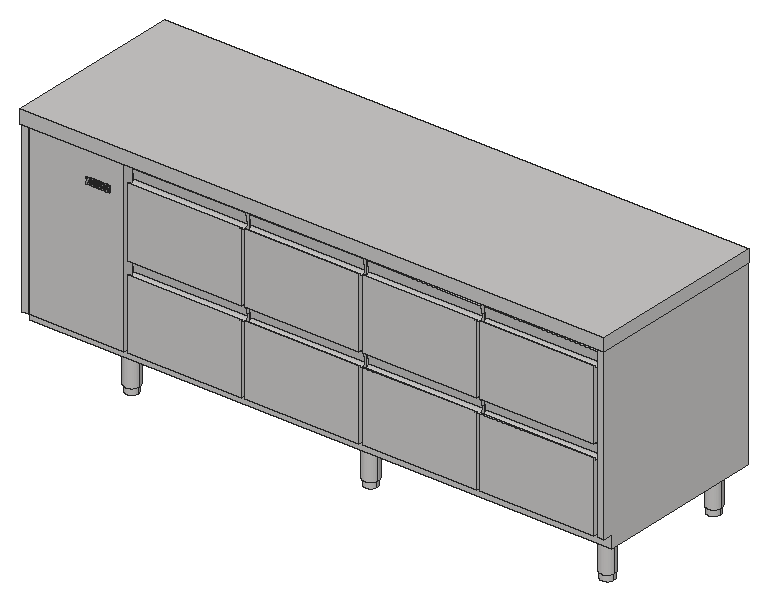
Revit family "QF_ZANUSSI_111063_ZH4HBBBBB", category Specialty Equipment, Revit 2018
Family settings
  Round Connector Dimension = Use Diameter
  Part Type = Normal
  Work Plane-Based = No
  Always vertical = Yes
  Cut with Voids When Loaded = No
  Shared = No
  Room Calculation Point = No
Parameters
  Weight = 0.00 kg
  Watts = 0.0232258 W
  Volts = 220 V
  URL Manufacturer = "http://www.zanussiprofessional.com/"
  URL = "http://www.zanussiprofessional.com/"
  Steam Supply Size = 0 mm
  Steam Supply Minimum Pressure = 0.0 Pa
  Steam Supply Maximum Pressure = 0.0 Pa
  Steam Pounds per Hour = 0
  Show Logo [instance] = yes
  Show Clearance [instance] = yes
  Refrigeration Suction Line Size = 0 mm
  Refrigeration Liquid Line Size = 0 mm
  Refrigerant Compressor Remote = yes
  Manufacturer = "Zanussi"
  Phase = 1
  Model = "ZH4HBBBBB"
  Length Actual = 2253 mm  # constant formula
  Item Number = "111063"
  Hot Water Size = 0 mm
  Height Actual = 900 mm  # constant formula
  HP = "0.3 HP"
  Gas Size = 0 mm
  Gas KW = 0
  Gas Input Pressure = 0 W
  Description = "8 DRAWERS REFR.TABLE 590L"
  Depth Actual = 700 mm  # constant formula
  Cycle = 50 Hz
  Condensate Return Size = 0 mm
  Compressed Air Volume = 0.0 L/s
  Compressed Air Size = 0 mm
  Compressed Air Pressure = 0.0 Pa
  Cold Water Size = 0 mm
  Accessory = yes
Reference planes
  plane 1 "Center X": y = 182.5
  plane 2: z = 0
  plane 3 "Center Y": x = -580.5
  plane 4: y = -62.5
  plane 5: y = 451.5
  plane 6 "BACK": y = 532.5
  plane 7 "FRONT": y = -167.5
  plane 8: x = -1360
  plane 9: x = 478
  plane 10: z = 150
  plane 11 "TOP": z = 900
  plane 12: z = 850
  plane 13 "LEFT": x = -1705
  plane 14 "RIGHT": x = 544
  plane 15: x = -437
  plane 16: x = -1707
  plane 17: x = 546
Forms (mm)
  Extrusion 1, solid, material "QF_Finishes_Stainless Steel"
    sketch origin (-580.5, 2, 0) x (0, 1, 0) y (0, 0, 1)
      loop
        line (530.5, 150) -> (530.5, 850) -> (-124.5, 850) -> (-124.5, 150) -> (530.5, 150)
    from -1124.5 to 1124.5
  Extrusion 2, solid, material "QF_Finishes_Stainless Steel"
    sketch origin (-1022.223, -1524, 150) x (-1, 0, 0) y (0, -1, 0)
      loop
        line (682.777, -1361.5) -> (657.777, -1361.5) -> (657.777, -1401.5) -> (682.777, -1401.5) -> (682.777, -1361.5)
      loop
        line (-1566.223, -1401.5) -> (-1541.223, -1401.5) -> (-1541.223, -1361.5) -> (-1566.223, -1361.5) -> (-1566.223, -1401.5)
    from 47 to 700
  Extrusion 3, solid, material "QF_Finishes_Stainless Steel"
    sketch origin (0, 0, 900) x (-1, 0, 0) y (0, -1, 0)
      loop
        circle (-57, -94.5) r 8.45
      loop
        circle (851, -94.5) r 8.45
    from -790.577 to -750
  Extrusion 4, solid, material "QF_Finishes_Stainless Steel"
    sketch origin (0, 0, 0) x (1, 0, 0) y (0, 1, 0)
      loop
        circle (-1621, 451.5) r 4
    from 109.423 to 150
  Extrusion 5, solid, material "QF_Finishes_Stainless Steel"
    sketch origin (-126.5, 0, 0) x (0, 1, 0) y (0, 0, 1)
      loop
        line (-167.5, 900) -> (-167.5, 850) -> (532.5, 850) -> (532.5, 900) -> (-167.5, 900)
    from 672.5 to -1580.5
Cuts and joins
  joined: Extrusion 1, Extrusion 2
Lines and regions (mm)
  symbolic lines, style "SpecialityEquipmentHiddenLines"
    curve 1: line (-1707, -122.5, 900) -> (546, -122.5, 900)
    curve 2: line (-1304, -167.5, 900) -> (-1304, -122.5, 900)
  symbolic lines, style "SpecialityEquipment"
    curve 3: line (-1707, 532.5, 900) -> (546, 532.5, 900)
    curve 4: line (-1707, 532.5, 900) -> (-1707, -167.5, 900)
    curve 5: line (-1707, -167.5, 900) -> (546, -167.5, 900)
    curve 6: line (546, -167.5, 900) -> (546, 532.5, 900)
Dimensions and locks
  locked: plane 6 "BACK" to plane 7 "FRONT" at 700
  equal spacing: plane 6 "BACK", plane 1 "Center X", plane 7 "FRONT"
  locked: plane 6 "BACK" to plane 5 at 81
  plane 10 to level = 150 mm
  plane 11 "TOP" to plane 12 to plane 10 = 50 mm locked, 700 mm locked
  locked: Extrusion 2 sketch curve to Extrusion 2 sketch curve at 25  (x2)
  locked: plane 4 to plane 7 "FRONT" at 105
  locked: plane 6 "BACK" to Extrusion 3 sketch curve at 438  (x2)
  equal spacing: plane 13 "LEFT", plane 3 "Center Y", plane 14 "RIGHT"
  plane 16 to plane 17 = 2253 mm
  locked: plane 13 "LEFT" to plane 8 at 345
  plane 15 to plane 9 to plane 14 "RIGHT" = 915 mm locked, 66 mm locked
  Extrusion 3 sketch curve to Extrusion 3 sketch curve to plane 14 "RIGHT" = 908 mm locked, 487 mm locked
  plane 13 "LEFT" to Extrusion 4 sketch curve = 84 mm
  locked: plane 6 "BACK" to Extrusion 4 sketch curve at 81
  locked: plane 10 to Extrusion 4 at 40.577
  aligned and locked: level to plane 2
  aligned and locked: plane 10 to Extrusion 3
  aligned and locked: nested 4 to plane 4
  aligned and locked: nested 1 to plane 4
  aligned and locked: nested 3 to plane 5
  aligned and locked: nested 2 to plane 5
  aligned and locked: plane 8 to nested 1
  aligned and locked: plane 8 to nested 2
  aligned and locked: plane 9 to nested 4
  aligned and locked: plane 9 to nested 3
  aligned and locked: Extrusion 1 to Extrusion 2
  aligned and locked: Extrusion 2 to Extrusion 1
  aligned and locked: Extrusion 2 sketch curve to plane 14 "RIGHT"
  aligned and locked: plane 13 "LEFT" to Extrusion 2 sketch curve
  aligned and locked: cut or joined group of Extrusion 1, Extrusion 2 to plane 10
  aligned and locked: plane 12 to cut or joined group of Extrusion 1, Extrusion 2
  aligned and locked: plane 10 to Extrusion 4
  aligned and locked: plane 15 to nested 11
  aligned and locked: plane 15 to nested 12
Automatic sketch dimensions
  plane 7 "FRONT" to Extrusion 2 sketch curve = 45 mm  (x2)
  plane 7 "FRONT" to Extrusion 2 sketch curve = 5 mm  (x2)
  curve 2 to plane 7 "FRONT" = 0 mm
  curve 5 to plane 16 = 0 mm
  curve 3 to plane 6 "BACK" = 0 mm
  plane 8 to curve 2 = 56 mm
  plane 7 "FRONT" to curve 1 = 45 mm
  Extrusion 1 sketch curve to plane 10 = 0 mm
  Extrusion 1 sketch curve to plane 12 = 0 mm
  Extrusion 1 sketch curve to plane 6 "BACK" = 0 mm
  plane 7 "FRONT" to Extrusion 1 sketch curve = 45 mm
  Extrusion 5 sketch curve to plane 7 "FRONT" = 0 mm
  Extrusion 5 sketch curve to plane 6 "BACK" = 0 mm
  Extrusion 5 sketch curve to plane 12 = 0 mm
  Extrusion 5 sketch curve to plane 11 "TOP" = 0 mm
  curve 6 to plane 17 = 0 mm
  radius of Extrusion 3 sketch curve = 8.45 mm  (x2)
  radius of Extrusion 4 sketch curve = 4 mm
Nested families
  nested 1: "Foot_Ø50_H150" at (-1360, -62.5, 0), type "Foot_Ø50_H150"
  nested 2: "Foot_Ø50_H150" at (-1360, 451.5, 0), type "Foot_Ø50_H150"
  nested 3: "Foot_Ø50_H150" at (478, 451.5, 0), type "Foot_Ø50_H150"
  nested 4: "Foot_Ø50_H150" at (478, -62.5, 0), type "Foot_Ø50_H150"
  nested 5: "2 Drawers" at (285, -164.5, 0), Show Clearance <- "Show Clearance", type "2 Drawers"
  nested 6: "2 Drawers" at (-169, -164.5, 0), Show Clearance <- "Show Clearance", type "2 Drawers"
  nested 7: "Refrigerator" at (544, -167.5, 900), type "Refrigerator"
  nested 8: "ZAN_Cooling Unit" at (-1495.5, -164.5, 0), Show Logo <- "Show Logo", type "ZAN_Cooling Unit"
  nested 9: "2 Drawers" at (-623, -164.5, 0), Show Clearance <- "Show Clearance", type "2 Drawers"
  nested 10: "2 Drawers" at (-1077, -164.5, 0) x (-1, 0, 0) z (0, 0, 1), Show Clearance <- "Show Clearance", type "2 Drawers"
  nested 11: "Foot_Ø50_H150" at (-437, -62.5, 0), type "Foot_Ø50_H150"
  nested 12: "Foot_Ø50_H150" at (-437, 451.5, 0), type "Foot_Ø50_H150"
Connectors
  electrical at (-1621, 451.5, 109.423), driven by "Volts"
    settings: on Extrusion 4, index 4, voltage 220 V, apparent load 0 VA, apparent load phase1 0 VA, apparent load phase2 0 VA, apparent load phase3 0 VA, power factor 1, load classification "Altro", number of poles 1, system type 30, power factor state 1, is connector primary yes, connector utility no, sub classification motor no, connector description "Electrical Connection"
  piping at (57, 94.5, 109.423), diameter 17
    settings: on Extrusion 3, index 5, connector inside diameter 609.6 mm, connector length 0 mm, flow factor 0, pipe flow 0.0 L/s, pressure drop 0.0 Pa, fitting loss kfactor 0, connector angle 0.00°, fixture units 0, engagement length 0 mm, angle of deflection 0.00°, flow configuration 1, flow direction 2, fitting loss method 0, system type 16, joint type 0, gender type 0, connector reference index -1, connector utility 0, adjustable connector no, is connector primary yes, connector description "Drain"
  piping at (-851, 94.5, 109.423), diameter 17
    settings: on Extrusion 3, index 6, connector inside diameter 609.6 mm, connector length 0 mm, flow factor 0, pipe flow 0.0 L/s, pressure drop 0.0 Pa, fitting loss kfactor 0, connector angle 0.00°, fixture units 0, engagement length 0 mm, angle of deflection 0.00°, flow configuration 1, flow direction 2, fitting loss method 0, system type 16, joint type 0, gender type 0, connector reference index -1, connector utility 0, adjustable connector no, is connector primary no, connector description "Drain"
Definition of nested family "Foot_Ø50_H150"
  Reference planes
    plane 1 "Centro (Fronte/Retro)": y = 0
    plane 2: z = 0
    plane 3 "Centro (Sinistra/Destra)": x = 0
    plane 4: z = 150
  Forms (mm)
    Revolve 1, solid
      sketch origin (255.05, 0, 608.09) x (0, 0, 1) y (-1, 0, 0)
        loop
          line (-608.09, 255.05) -> (-608.09, 230.05) -> (-583.09, 230.05) -> (-583.09, 226.05) -> (-458.09, 226.05) -> (-458.09, 255.05) -> (-608.09, 255.05)
        axis (-608.09, 255.05) -> (-458.09, 255.05)
      angle from 0 to 360
  Dimensions and locks
    locked: Revolve 1 sketch curve to Revolve 1 sketch curve at 125
    aligned and locked: level to plane 2
    aligned and locked: plane 4 to Revolve 1 sketch curve
    aligned and locked: Revolve 1 sketch curve to level
    aligned and locked: plane 3 "Centro (Sinistra/Destra)" to Revolve 1 sketch curve
Definition of nested family "2 Drawers"
  Parameters
    Show Clearance [instance] = yes
  Reference planes
    plane 1 "FRONT": y = -3
    plane 2: z = 0
    plane 3 "Centro (Sinistra/Destra)": x = 0
    plane 4: z = 150
    plane 5: z = 850
    plane 6: x = -234
    plane 7: x = 234
    plane 8: x = -220
    plane 9: x = 220
  Forms (mm)
    Extrusion 1, solid
      sketch origin (0, 55, 511) x (0, 0, 1) y (0, -1, 0)
        loop
          line (314, 18) -> (314, 29) -> (274.395, 22.5)
          arc (274.395, 22.5) -> (260.395, 36.5) -> (274.395, 50.5) r 14
          line (274.395, 50.5) -> (274.395, 53) -> (5, 53) -> (5, 18) -> (314, 18)
        loop
          line (-5, 29) -> (-44.605, 22.5)
          arc (-44.605, 22.5) -> (-58.605, 36.5) -> (-44.605, 50.5) r 14
          line (-44.605, 50.5) -> (-44.605, 53) -> (-314, 53) -> (-314, 18) -> (-5, 18) -> (-5, 29)
      from -220 to 220
    Extrusion 2, solid, visible <- "Show Clearance", detail levels coarse
      sketch origin (0, -462, 511) x (0, 0, 1) y (0, -1, 0)
        loop
          line (-314, 109) -> (-314, -464) -> (-5, -464) -> (-5, 109) -> (-314, 109)
        loop
          line (314, -464) -> (314, 109) -> (5, 109) -> (5, -464) -> (314, -464)
      from -220 to 220
  Lines and regions (mm)
    symbolic lines
      curve 1: line (-190, -3, 0) -> (-190, -88, 0)
      curve 2: line (190, -88, 0) -> (190, -3, 0)
      curve 3: line (220, -88, 0) -> (-220, -88, 0)
      curve 4: line (-220, -88, 0) -> (-220, -123, 0)
      curve 5: line (-220, -123, 0) -> (220, -123, 0)
      curve 6: line (220, -123, 0) -> (220, -88, 0)
      curve 7: line (-190, -123, 0) -> (-190, -208, 0)
      curve 8: line (220, -208, 0) -> (-220, -208, 0)
      curve 9: line (-220, -208, 0) -> (-220, -243, 0)
      curve 10: line (-220, -243, 0) -> (220, -243, 0)
      curve 11: line (220, -243, 0) -> (220, -208, 0)
      curve 12: line (190, -208, 0) -> (190, -123, 0)
  Dimensions and locks
    aligned and locked: level to plane 2
Definition of nested family "ZAN_Cooling Unit"
  Parameters
    Show Logo [instance] = yes
  Reference planes
    plane 1 "FRONT": y = -3
    plane 2: z = 0
    plane 3 "Centro (Sinistra/Destra)": x = 0
    plane 4: z = 150
    plane 5: z = 850
    plane 6: x = -184.5
    plane 7: x = 184.5
  Forms (mm)
    Extrusion 1, solid
      sketch origin (0, 55, 511) x (0, 0, 1) y (0, -1, 0)
        loop
          line (-314, 53) -> (-314, 13) -> (339, 13) -> (339, 53) -> (-314, 53)
      from -184.5 to 184.5
  Lines and regions (mm)
    Split face 1
      outline origin (0, 2, 197) x (0, 0, 1) y (-1, 0, 0)
        loop
          line (566.835, 184.5) -> (566.835, -184.5)
        loop
          line (521.835, 184.5) -> (521.835, -184.5)
    Split face 2
      outline origin (0, 2, 197) x (0, 0, 1) y (-1, 0, 0)
        loop
          arc (510.649, 158.547) -> (506.648, 162.548) -> (502.647, 158.547) r 4.001
          line (502.647, 158.547) -> (502.647, 116.535)
          arc (502.647, 116.535) -> (506.648, 112.533) -> (510.649, 116.535) r 4.001
          line (510.649, 116.535) -> (510.649, 158.547)
    Split face 3
      outline origin (0, 2, 184.996) x (0, 0, 1) y (-1, 0, 0)
        loop
          arc (510.649, 158.547) -> (506.648, 162.548) -> (502.647, 158.547) r 4.001
          line (502.647, 158.547) -> (502.647, 116.535)
          arc (502.647, 116.535) -> (506.648, 112.533) -> (510.649, 116.535) r 4.001
          line (510.649, 116.535) -> (510.649, 158.547)
    Split face 4
      outline origin (0, 2, 172.993) x (0, 0, 1) y (-1, 0, 0)
        loop
          arc (510.649, 158.547) -> (506.648, 162.548) -> (502.647, 158.547) r 4.001
          line (502.647, 158.547) -> (502.647, 116.535)
          arc (502.647, 116.535) -> (506.648, 112.533) -> (510.649, 116.535) r 4.001
          line (510.649, 116.535) -> (510.649, 158.547)
    Split face 5
      outline origin (0, 2, 160.989) x (0, 0, 1) y (-1, 0, 0)
        loop
          arc (510.649, 158.547) -> (506.648, 162.548) -> (502.647, 158.547) r 4.001
          line (502.647, 158.547) -> (502.647, 116.535)
          arc (502.647, 116.535) -> (506.648, 112.533) -> (510.649, 116.535) r 4.001
          line (510.649, 116.535) -> (510.649, 158.547)
    Split face 6
      outline origin (0, 2, 148.986) x (0, 0, 1) y (-1, 0, 0)
        loop
          arc (510.649, 158.547) -> (506.648, 162.548) -> (502.647, 158.547) r 4.001
          line (502.647, 158.547) -> (502.647, 116.535)
          arc (502.647, 116.535) -> (506.648, 112.533) -> (510.649, 116.535) r 4.001
          line (510.649, 116.535) -> (510.649, 158.547)
    Split face 7
      outline origin (0, 2, 136.982) x (0, 0, 1) y (-1, 0, 0)
        loop
          arc (510.649, 158.547) -> (506.648, 162.548) -> (502.647, 158.547) r 4.001
          line (502.647, 158.547) -> (502.647, 116.535)
          arc (502.647, 116.535) -> (506.648, 112.533) -> (510.649, 116.535) r 4.001
          line (510.649, 116.535) -> (510.649, 158.547)
    Split face 8
      outline origin (0, 2, 124.979) x (0, 0, 1) y (-1, 0, 0)
        loop
          arc (510.649, 158.547) -> (506.648, 162.548) -> (502.647, 158.547) r 4.001
          line (502.647, 158.547) -> (502.647, 116.535)
          arc (502.647, 116.535) -> (506.648, 112.533) -> (510.649, 116.535) r 4.001
          line (510.649, 116.535) -> (510.649, 158.547)
    Split face 9
      outline origin (0, 2, 112.975) x (0, 0, 1) y (-1, 0, 0)
        loop
          arc (510.649, 158.547) -> (506.648, 162.548) -> (502.647, 158.547) r 4.001
          line (502.647, 158.547) -> (502.647, 116.535)
          arc (502.647, 116.535) -> (506.648, 112.533) -> (510.649, 116.535) r 4.001
          line (510.649, 116.535) -> (510.649, 158.547)
    Split face 10
      outline origin (0, 2, 100.972) x (0, 0, 1) y (-1, 0, 0)
        loop
          arc (510.649, 158.547) -> (506.648, 162.548) -> (502.647, 158.547) r 4.001
          line (502.647, 158.547) -> (502.647, 116.535)
          arc (502.647, 116.535) -> (506.648, 112.533) -> (510.649, 116.535) r 4.001
          line (510.649, 116.535) -> (510.649, 158.547)
    Split face 11
      outline origin (0, 2, 88.968) x (0, 0, 1) y (-1, 0, 0)
        loop
          arc (510.649, 158.547) -> (506.648, 162.548) -> (502.647, 158.547) r 4.001
          line (502.647, 158.547) -> (502.647, 116.535)
          arc (502.647, 116.535) -> (506.648, 112.533) -> (510.649, 116.535) r 4.001
          line (510.649, 116.535) -> (510.649, 158.547)
    Split face 12
      outline origin (0, 2, 76.965) x (0, 0, 1) y (-1, 0, 0)
        loop
          arc (510.649, 158.547) -> (506.648, 162.548) -> (502.647, 158.547) r 4.001
          line (502.647, 158.547) -> (502.647, 116.535)
          arc (502.647, 116.535) -> (506.648, 112.533) -> (510.649, 116.535) r 4.001
          line (510.649, 116.535) -> (510.649, 158.547)
    Split face 13
      outline origin (0, 2, 64.961) x (0, 0, 1) y (-1, 0, 0)
        loop
          arc (510.649, 158.547) -> (506.648, 162.548) -> (502.647, 158.547) r 4.001
          line (502.647, 158.547) -> (502.647, 116.535)
          arc (502.647, 116.535) -> (506.648, 112.533) -> (510.649, 116.535) r 4.001
          line (510.649, 116.535) -> (510.649, 158.547)
    Split face 14
      outline origin (0, 2, 52.958) x (0, 0, 1) y (-1, 0, 0)
        loop
          arc (510.649, 158.547) -> (506.648, 162.548) -> (502.647, 158.547) r 4.001
          line (502.647, 158.547) -> (502.647, 116.535)
          arc (502.647, 116.535) -> (506.648, 112.533) -> (510.649, 116.535) r 4.001
          line (510.649, 116.535) -> (510.649, 158.547)
    Split face 15
      outline origin (0, 2, 40.954) x (0, 0, 1) y (-1, 0, 0)
        loop
          arc (510.649, 158.547) -> (506.648, 162.548) -> (502.647, 158.547) r 4.001
          line (502.647, 158.547) -> (502.647, 116.535)
          arc (502.647, 116.535) -> (506.648, 112.533) -> (510.649, 116.535) r 4.001
          line (510.649, 116.535) -> (510.649, 158.547)
    Split face 16
      outline origin (0, 2, 28.951) x (0, 0, 1) y (-1, 0, 0)
        loop
          arc (510.649, 158.547) -> (506.648, 162.548) -> (502.647, 158.547) r 4.001
          line (502.647, 158.547) -> (502.647, 116.535)
          arc (502.647, 116.535) -> (506.648, 112.533) -> (510.649, 116.535) r 4.001
          line (510.649, 116.535) -> (510.649, 158.547)
    Split face 17
      outline origin (0, 2, 16.947) x (0, 0, 1) y (-1, 0, 0)
        loop
          arc (510.649, 158.547) -> (506.648, 162.548) -> (502.647, 158.547) r 4.001
          line (502.647, 158.547) -> (502.647, 116.535)
          arc (502.647, 116.535) -> (506.648, 112.533) -> (510.649, 116.535) r 4.001
          line (510.649, 116.535) -> (510.649, 158.547)
    Split face 18
      outline origin (55.016, 2, 197) x (0, 0, 1) y (-1, 0, 0)
        loop
          arc (510.649, 158.547) -> (506.648, 162.548) -> (502.647, 158.547) r 4.001
          line (502.647, 158.547) -> (502.647, 116.535)
          arc (502.647, 116.535) -> (506.648, 112.533) -> (510.649, 116.535) r 4.001
          line (510.649, 116.535) -> (510.649, 158.547)
    Split face 19
      outline origin (55.016, 2, 184.996) x (0, 0, 1) y (-1, 0, 0)
        loop
          arc (510.649, 158.547) -> (506.648, 162.548) -> (502.647, 158.547) r 4.001
          line (502.647, 158.547) -> (502.647, 116.535)
          arc (502.647, 116.535) -> (506.648, 112.533) -> (510.649, 116.535) r 4.001
          line (510.649, 116.535) -> (510.649, 158.547)
    Split face 20
      outline origin (55.016, 2, 172.993) x (0, 0, 1) y (-1, 0, 0)
        loop
          arc (510.649, 158.547) -> (506.648, 162.548) -> (502.647, 158.547) r 4.001
          line (502.647, 158.547) -> (502.647, 116.535)
          arc (502.647, 116.535) -> (506.648, 112.533) -> (510.649, 116.535) r 4.001
          line (510.649, 116.535) -> (510.649, 158.547)
    Split face 21
      outline origin (55.016, 2, 160.989) x (0, 0, 1) y (-1, 0, 0)
        loop
          arc (510.649, 158.547) -> (506.648, 162.548) -> (502.647, 158.547) r 4.001
          line (502.647, 158.547) -> (502.647, 116.535)
          arc (502.647, 116.535) -> (506.648, 112.533) -> (510.649, 116.535) r 4.001
          line (510.649, 116.535) -> (510.649, 158.547)
    Split face 22
      outline origin (55.016, 2, 148.986) x (0, 0, 1) y (-1, 0, 0)
        loop
          arc (510.649, 158.547) -> (506.648, 162.548) -> (502.647, 158.547) r 4.001
          line (502.647, 158.547) -> (502.647, 116.535)
          arc (502.647, 116.535) -> (506.648, 112.533) -> (510.649, 116.535) r 4.001
          line (510.649, 116.535) -> (510.649, 158.547)
    Split face 23
      outline origin (55.016, 2, 136.982) x (0, 0, 1) y (-1, 0, 0)
        loop
          arc (510.649, 158.547) -> (506.648, 162.548) -> (502.647, 158.547) r 4.001
          line (502.647, 158.547) -> (502.647, 116.535)
          arc (502.647, 116.535) -> (506.648, 112.533) -> (510.649, 116.535) r 4.001
          line (510.649, 116.535) -> (510.649, 158.547)
    Split face 24
      outline origin (55.016, 2, 124.979) x (0, 0, 1) y (-1, 0, 0)
        loop
          arc (510.649, 158.547) -> (506.648, 162.548) -> (502.647, 158.547) r 4.001
          line (502.647, 158.547) -> (502.647, 116.535)
          arc (502.647, 116.535) -> (506.648, 112.533) -> (510.649, 116.535) r 4.001
          line (510.649, 116.535) -> (510.649, 158.547)
    Split face 25
      outline origin (55.016, 2, 112.975) x (0, 0, 1) y (-1, 0, 0)
        loop
          arc (510.649, 158.547) -> (506.648, 162.548) -> (502.647, 158.547) r 4.001
          line (502.647, 158.547) -> (502.647, 116.535)
          arc (502.647, 116.535) -> (506.648, 112.533) -> (510.649, 116.535) r 4.001
          line (510.649, 116.535) -> (510.649, 158.547)
    Split face 26
      outline origin (55.016, 2, 100.972) x (0, 0, 1) y (-1, 0, 0)
        loop
          arc (510.649, 158.547) -> (506.648, 162.548) -> (502.647, 158.547) r 4.001
          line (502.647, 158.547) -> (502.647, 116.535)
          arc (502.647, 116.535) -> (506.648, 112.533) -> (510.649, 116.535) r 4.001
          line (510.649, 116.535) -> (510.649, 158.547)
    Split face 27
      outline origin (55.016, 2, 88.968) x (0, 0, 1) y (-1, 0, 0)
        loop
          arc (510.649, 158.547) -> (506.648, 162.548) -> (502.647, 158.547) r 4.001
          line (502.647, 158.547) -> (502.647, 116.535)
          arc (502.647, 116.535) -> (506.648, 112.533) -> (510.649, 116.535) r 4.001
          line (510.649, 116.535) -> (510.649, 158.547)
    Split face 28
      outline origin (55.016, 2, 76.965) x (0, 0, 1) y (-1, 0, 0)
        loop
          arc (510.649, 158.547) -> (506.648, 162.548) -> (502.647, 158.547) r 4.001
          line (502.647, 158.547) -> (502.647, 116.535)
          arc (502.647, 116.535) -> (506.648, 112.533) -> (510.649, 116.535) r 4.001
          line (510.649, 116.535) -> (510.649, 158.547)
    Split face 29
      outline origin (55.016, 2, 64.961) x (0, 0, 1) y (-1, 0, 0)
        loop
          arc (510.649, 158.547) -> (506.648, 162.548) -> (502.647, 158.547) r 4.001
          line (502.647, 158.547) -> (502.647, 116.535)
          arc (502.647, 116.535) -> (506.648, 112.533) -> (510.649, 116.535) r 4.001
          line (510.649, 116.535) -> (510.649, 158.547)
    Split face 30
      outline origin (55.016, 2, 52.958) x (0, 0, 1) y (-1, 0, 0)
        loop
          arc (510.649, 158.547) -> (506.648, 162.548) -> (502.647, 158.547) r 4.001
          line (502.647, 158.547) -> (502.647, 116.535)
          arc (502.647, 116.535) -> (506.648, 112.533) -> (510.649, 116.535) r 4.001
          line (510.649, 116.535) -> (510.649, 158.547)
    Split face 31
      outline origin (55.016, 2, 40.954) x (0, 0, 1) y (-1, 0, 0)
        loop
          arc (510.649, 158.547) -> (506.648, 162.548) -> (502.647, 158.547) r 4.001
          line (502.647, 158.547) -> (502.647, 116.535)
          arc (502.647, 116.535) -> (506.648, 112.533) -> (510.649, 116.535) r 4.001
          line (510.649, 116.535) -> (510.649, 158.547)
    Split face 32
      outline origin (55.016, 2, 28.951) x (0, 0, 1) y (-1, 0, 0)
        loop
          arc (510.649, 158.547) -> (506.648, 162.548) -> (502.647, 158.547) r 4.001
          line (502.647, 158.547) -> (502.647, 116.535)
          arc (502.647, 116.535) -> (506.648, 112.533) -> (510.649, 116.535) r 4.001
          line (510.649, 116.535) -> (510.649, 158.547)
    Split face 33
      outline origin (55.016, 2, 16.947) x (0, 0, 1) y (-1, 0, 0)
        loop
          arc (510.649, 158.547) -> (506.648, 162.548) -> (502.647, 158.547) r 4.001
          line (502.647, 158.547) -> (502.647, 116.535)
          arc (502.647, 116.535) -> (506.648, 112.533) -> (510.649, 116.535) r 4.001
          line (510.649, 116.535) -> (510.649, 158.547)
    Split face 34
      outline origin (110.032, 2, 197) x (0, 0, 1) y (-1, 0, 0)
        loop
          arc (510.649, 158.547) -> (506.648, 162.548) -> (502.647, 158.547) r 4.001
          line (502.647, 158.547) -> (502.647, 116.535)
          arc (502.647, 116.535) -> (506.648, 112.533) -> (510.649, 116.535) r 4.001
          line (510.649, 116.535) -> (510.649, 158.547)
    Split face 35
      outline origin (110.032, 2, 184.996) x (0, 0, 1) y (-1, 0, 0)
        loop
          arc (510.649, 158.547) -> (506.648, 162.548) -> (502.647, 158.547) r 4.001
          line (502.647, 158.547) -> (502.647, 116.535)
          arc (502.647, 116.535) -> (506.648, 112.533) -> (510.649, 116.535) r 4.001
          line (510.649, 116.535) -> (510.649, 158.547)
    Split face 36
      outline origin (110.032, 2, 172.993) x (0, 0, 1) y (-1, 0, 0)
        loop
          arc (510.649, 158.547) -> (506.648, 162.548) -> (502.647, 158.547) r 4.001
          line (502.647, 158.547) -> (502.647, 116.535)
          arc (502.647, 116.535) -> (506.648, 112.533) -> (510.649, 116.535) r 4.001
          line (510.649, 116.535) -> (510.649, 158.547)
    Split face 37
      outline origin (110.032, 2, 160.989) x (0, 0, 1) y (-1, 0, 0)
        loop
          arc (510.649, 158.547) -> (506.648, 162.548) -> (502.647, 158.547) r 4.001
          line (502.647, 158.547) -> (502.647, 116.535)
          arc (502.647, 116.535) -> (506.648, 112.533) -> (510.649, 116.535) r 4.001
          line (510.649, 116.535) -> (510.649, 158.547)
    Split face 38
      outline origin (110.032, 2, 148.986) x (0, 0, 1) y (-1, 0, 0)
        loop
          arc (510.649, 158.547) -> (506.648, 162.548) -> (502.647, 158.547) r 4.001
          line (502.647, 158.547) -> (502.647, 116.535)
          arc (502.647, 116.535) -> (506.648, 112.533) -> (510.649, 116.535) r 4.001
          line (510.649, 116.535) -> (510.649, 158.547)
    Split face 39
      outline origin (110.032, 2, 136.982) x (0, 0, 1) y (-1, 0, 0)
        loop
          arc (510.649, 158.547) -> (506.648, 162.548) -> (502.647, 158.547) r 4.001
          line (502.647, 158.547) -> (502.647, 116.535)
          arc (502.647, 116.535) -> (506.648, 112.533) -> (510.649, 116.535) r 4.001
          line (510.649, 116.535) -> (510.649, 158.547)
    Split face 40
      outline origin (110.032, 2, 124.979) x (0, 0, 1) y (-1, 0, 0)
        loop
          arc (510.649, 158.547) -> (506.648, 162.548) -> (502.647, 158.547) r 4.001
          line (502.647, 158.547) -> (502.647, 116.535)
          arc (502.647, 116.535) -> (506.648, 112.533) -> (510.649, 116.535) r 4.001
          line (510.649, 116.535) -> (510.649, 158.547)
    Split face 41
      outline origin (110.032, 2, 112.975) x (0, 0, 1) y (-1, 0, 0)
        loop
          arc (510.649, 158.547) -> (506.648, 162.548) -> (502.647, 158.547) r 4.001
          line (502.647, 158.547) -> (502.647, 116.535)
          arc (502.647, 116.535) -> (506.648, 112.533) -> (510.649, 116.535) r 4.001
          line (510.649, 116.535) -> (510.649, 158.547)
    Split face 42
      outline origin (110.032, 2, 100.972) x (0, 0, 1) y (-1, 0, 0)
        loop
          arc (510.649, 158.547) -> (506.648, 162.548) -> (502.647, 158.547) r 4.001
          line (502.647, 158.547) -> (502.647, 116.535)
          arc (502.647, 116.535) -> (506.648, 112.533) -> (510.649, 116.535) r 4.001
          line (510.649, 116.535) -> (510.649, 158.547)
    Split face 43
      outline origin (110.032, 2, 88.968) x (0, 0, 1) y (-1, 0, 0)
        loop
          arc (510.649, 158.547) -> (506.648, 162.548) -> (502.647, 158.547) r 4.001
          line (502.647, 158.547) -> (502.647, 116.535)
          arc (502.647, 116.535) -> (506.648, 112.533) -> (510.649, 116.535) r 4.001
          line (510.649, 116.535) -> (510.649, 158.547)
    Split face 44
      outline origin (110.032, 2, 76.965) x (0, 0, 1) y (-1, 0, 0)
        loop
          arc (510.649, 158.547) -> (506.648, 162.548) -> (502.647, 158.547) r 4.001
          line (502.647, 158.547) -> (502.647, 116.535)
          arc (502.647, 116.535) -> (506.648, 112.533) -> (510.649, 116.535) r 4.001
          line (510.649, 116.535) -> (510.649, 158.547)
    Split face 45
      outline origin (110.032, 2, 64.961) x (0, 0, 1) y (-1, 0, 0)
        loop
          arc (510.649, 158.547) -> (506.648, 162.548) -> (502.647, 158.547) r 4.001
          line (502.647, 158.547) -> (502.647, 116.535)
          arc (502.647, 116.535) -> (506.648, 112.533) -> (510.649, 116.535) r 4.001
          line (510.649, 116.535) -> (510.649, 158.547)
    Split face 46
      outline origin (110.032, 2, 52.958) x (0, 0, 1) y (-1, 0, 0)
        loop
          arc (510.649, 158.547) -> (506.648, 162.548) -> (502.647, 158.547) r 4.001
          line (502.647, 158.547) -> (502.647, 116.535)
          arc (502.647, 116.535) -> (506.648, 112.533) -> (510.649, 116.535) r 4.001
          line (510.649, 116.535) -> (510.649, 158.547)
    Split face 47
      outline origin (110.032, 2, 40.954) x (0, 0, 1) y (-1, 0, 0)
        loop
          arc (510.649, 158.547) -> (506.648, 162.548) -> (502.647, 158.547) r 4.001
          line (502.647, 158.547) -> (502.647, 116.535)
          arc (502.647, 116.535) -> (506.648, 112.533) -> (510.649, 116.535) r 4.001
          line (510.649, 116.535) -> (510.649, 158.547)
    Split face 48
      outline origin (110.032, 2, 28.951) x (0, 0, 1) y (-1, 0, 0)
        loop
          arc (510.649, 158.547) -> (506.648, 162.548) -> (502.647, 158.547) r 4.001
          line (502.647, 158.547) -> (502.647, 116.535)
          arc (502.647, 116.535) -> (506.648, 112.533) -> (510.649, 116.535) r 4.001
          line (510.649, 116.535) -> (510.649, 158.547)
    Split face 49
      outline origin (110.032, 2, 16.947) x (0, 0, 1) y (-1, 0, 0)
        loop
          arc (510.649, 158.547) -> (506.648, 162.548) -> (502.647, 158.547) r 4.001
          line (502.647, 158.547) -> (502.647, 116.535)
          arc (502.647, 116.535) -> (506.648, 112.533) -> (510.649, 116.535) r 4.001
          line (510.649, 116.535) -> (510.649, 158.547)
    Split face 50
      outline origin (165.048, 2, 197) x (0, 0, 1) y (-1, 0, 0)
        loop
          arc (510.649, 158.547) -> (506.648, 162.548) -> (502.647, 158.547) r 4.001
          line (502.647, 158.547) -> (502.647, 116.535)
          arc (502.647, 116.535) -> (506.648, 112.533) -> (510.649, 116.535) r 4.001
          line (510.649, 116.535) -> (510.649, 158.547)
    Split face 51
      outline origin (165.048, 2, 184.996) x (0, 0, 1) y (-1, 0, 0)
        loop
          arc (510.649, 158.547) -> (506.648, 162.548) -> (502.647, 158.547) r 4.001
          line (502.647, 158.547) -> (502.647, 116.535)
          arc (502.647, 116.535) -> (506.648, 112.533) -> (510.649, 116.535) r 4.001
          line (510.649, 116.535) -> (510.649, 158.547)
    Split face 52
      outline origin (165.048, 2, 172.993) x (0, 0, 1) y (-1, 0, 0)
        loop
          arc (510.649, 158.547) -> (506.648, 162.548) -> (502.647, 158.547) r 4.001
          line (502.647, 158.547) -> (502.647, 116.535)
          arc (502.647, 116.535) -> (506.648, 112.533) -> (510.649, 116.535) r 4.001
          line (510.649, 116.535) -> (510.649, 158.547)
    Split face 53
      outline origin (165.048, 2, 160.989) x (0, 0, 1) y (-1, 0, 0)
        loop
          arc (510.649, 158.547) -> (506.648, 162.548) -> (502.647, 158.547) r 4.001
          line (502.647, 158.547) -> (502.647, 116.535)
          arc (502.647, 116.535) -> (506.648, 112.533) -> (510.649, 116.535) r 4.001
          line (510.649, 116.535) -> (510.649, 158.547)
    Split face 54
      outline origin (165.048, 2, 148.986) x (0, 0, 1) y (-1, 0, 0)
        loop
          arc (510.649, 158.547) -> (506.648, 162.548) -> (502.647, 158.547) r 4.001
          line (502.647, 158.547) -> (502.647, 116.535)
          arc (502.647, 116.535) -> (506.648, 112.533) -> (510.649, 116.535) r 4.001
          line (510.649, 116.535) -> (510.649, 158.547)
    Split face 55
      outline origin (165.048, 2, 136.982) x (0, 0, 1) y (-1, 0, 0)
        loop
          arc (510.649, 158.547) -> (506.648, 162.548) -> (502.647, 158.547) r 4.001
          line (502.647, 158.547) -> (502.647, 116.535)
          arc (502.647, 116.535) -> (506.648, 112.533) -> (510.649, 116.535) r 4.001
          line (510.649, 116.535) -> (510.649, 158.547)
    Split face 56
      outline origin (165.048, 2, 124.979) x (0, 0, 1) y (-1, 0, 0)
        loop
          arc (510.649, 158.547) -> (506.648, 162.548) -> (502.647, 158.547) r 4.001
          line (502.647, 158.547) -> (502.647, 116.535)
          arc (502.647, 116.535) -> (506.648, 112.533) -> (510.649, 116.535) r 4.001
          line (510.649, 116.535) -> (510.649, 158.547)
    Split face 57
      outline origin (165.048, 2, 112.975) x (0, 0, 1) y (-1, 0, 0)
        loop
          arc (510.649, 158.547) -> (506.648, 162.548) -> (502.647, 158.547) r 4.001
          line (502.647, 158.547) -> (502.647, 116.535)
          arc (502.647, 116.535) -> (506.648, 112.533) -> (510.649, 116.535) r 4.001
          line (510.649, 116.535) -> (510.649, 158.547)
    Split face 58
      outline origin (165.048, 2, 100.972) x (0, 0, 1) y (-1, 0, 0)
        loop
          arc (510.649, 158.547) -> (506.648, 162.548) -> (502.647, 158.547) r 4.001
          line (502.647, 158.547) -> (502.647, 116.535)
          arc (502.647, 116.535) -> (506.648, 112.533) -> (510.649, 116.535) r 4.001
          line (510.649, 116.535) -> (510.649, 158.547)
    Split face 59
      outline origin (165.048, 2, 88.968) x (0, 0, 1) y (-1, 0, 0)
        loop
          arc (510.649, 158.547) -> (506.648, 162.548) -> (502.647, 158.547) r 4.001
          line (502.647, 158.547) -> (502.647, 116.535)
          arc (502.647, 116.535) -> (506.648, 112.533) -> (510.649, 116.535) r 4.001
          line (510.649, 116.535) -> (510.649, 158.547)
    Split face 60
      outline origin (165.048, 2, 76.965) x (0, 0, 1) y (-1, 0, 0)
        loop
          arc (510.649, 158.547) -> (506.648, 162.548) -> (502.647, 158.547) r 4.001
          line (502.647, 158.547) -> (502.647, 116.535)
          arc (502.647, 116.535) -> (506.648, 112.533) -> (510.649, 116.535) r 4.001
          line (510.649, 116.535) -> (510.649, 158.547)
    Split face 61
      outline origin (165.048, 2, 64.961) x (0, 0, 1) y (-1, 0, 0)
        loop
          arc (510.649, 158.547) -> (506.648, 162.548) -> (502.647, 158.547) r 4.001
          line (502.647, 158.547) -> (502.647, 116.535)
          arc (502.647, 116.535) -> (506.648, 112.533) -> (510.649, 116.535) r 4.001
          line (510.649, 116.535) -> (510.649, 158.547)
    Split face 62
      outline origin (165.048, 2, 52.958) x (0, 0, 1) y (-1, 0, 0)
        loop
          arc (510.649, 158.547) -> (506.648, 162.548) -> (502.647, 158.547) r 4.001
          line (502.647, 158.547) -> (502.647, 116.535)
          arc (502.647, 116.535) -> (506.648, 112.533) -> (510.649, 116.535) r 4.001
          line (510.649, 116.535) -> (510.649, 158.547)
    Split face 63
      outline origin (165.048, 2, 40.954) x (0, 0, 1) y (-1, 0, 0)
        loop
          arc (510.649, 158.547) -> (506.648, 162.548) -> (502.647, 158.547) r 4.001
          line (502.647, 158.547) -> (502.647, 116.535)
          arc (502.647, 116.535) -> (506.648, 112.533) -> (510.649, 116.535) r 4.001
          line (510.649, 116.535) -> (510.649, 158.547)
    Split face 64
      outline origin (165.048, 2, 28.951) x (0, 0, 1) y (-1, 0, 0)
        loop
          arc (510.649, 158.547) -> (506.648, 162.548) -> (502.647, 158.547) r 4.001
          line (502.647, 158.547) -> (502.647, 116.535)
          arc (502.647, 116.535) -> (506.648, 112.533) -> (510.649, 116.535) r 4.001
          line (510.649, 116.535) -> (510.649, 158.547)
    Split face 65
      outline origin (165.048, 2, 16.947) x (0, 0, 1) y (-1, 0, 0)
        loop
          arc (510.649, 158.547) -> (506.648, 162.548) -> (502.647, 158.547) r 4.001
          line (502.647, 158.547) -> (502.647, 116.535)
          arc (502.647, 116.535) -> (506.648, 112.533) -> (510.649, 116.535) r 4.001
          line (510.649, 116.535) -> (510.649, 158.547)
    Split face 66
      outline origin (220.064, 2, 197) x (0, 0, 1) y (-1, 0, 0)
        loop
          arc (510.649, 158.547) -> (506.648, 162.548) -> (502.647, 158.547) r 4.001
          line (502.647, 158.547) -> (502.647, 116.535)
          arc (502.647, 116.535) -> (506.648, 112.533) -> (510.649, 116.535) r 4.001
          line (510.649, 116.535) -> (510.649, 158.547)
    Split face 67
      outline origin (220.064, 2, 184.996) x (0, 0, 1) y (-1, 0, 0)
        loop
          arc (510.649, 158.547) -> (506.648, 162.548) -> (502.647, 158.547) r 4.001
          line (502.647, 158.547) -> (502.647, 116.535)
          arc (502.647, 116.535) -> (506.648, 112.533) -> (510.649, 116.535) r 4.001
          line (510.649, 116.535) -> (510.649, 158.547)
    Split face 68
      outline origin (220.064, 2, 172.993) x (0, 0, 1) y (-1, 0, 0)
        loop
          arc (510.649, 158.547) -> (506.648, 162.548) -> (502.647, 158.547) r 4.001
          line (502.647, 158.547) -> (502.647, 116.535)
          arc (502.647, 116.535) -> (506.648, 112.533) -> (510.649, 116.535) r 4.001
          line (510.649, 116.535) -> (510.649, 158.547)
    Split face 69
      outline origin (220.064, 2, 160.989) x (0, 0, 1) y (-1, 0, 0)
        loop
          arc (510.649, 158.547) -> (506.648, 162.548) -> (502.647, 158.547) r 4.001
          line (502.647, 158.547) -> (502.647, 116.535)
          arc (502.647, 116.535) -> (506.648, 112.533) -> (510.649, 116.535) r 4.001
          line (510.649, 116.535) -> (510.649, 158.547)
    Split face 70
      outline origin (220.064, 2, 148.986) x (0, 0, 1) y (-1, 0, 0)
        loop
          arc (510.649, 158.547) -> (506.648, 162.548) -> (502.647, 158.547) r 4.001
          line (502.647, 158.547) -> (502.647, 116.535)
          arc (502.647, 116.535) -> (506.648, 112.533) -> (510.649, 116.535) r 4.001
          line (510.649, 116.535) -> (510.649, 158.547)
    Split face 71
      outline origin (220.064, 2, 136.982) x (0, 0, 1) y (-1, 0, 0)
        loop
          arc (510.649, 158.547) -> (506.648, 162.548) -> (502.647, 158.547) r 4.001
          line (502.647, 158.547) -> (502.647, 116.535)
          arc (502.647, 116.535) -> (506.648, 112.533) -> (510.649, 116.535) r 4.001
          line (510.649, 116.535) -> (510.649, 158.547)
    Split face 72
      outline origin (220.064, 2, 124.979) x (0, 0, 1) y (-1, 0, 0)
        loop
          arc (510.649, 158.547) -> (506.648, 162.548) -> (502.647, 158.547) r 4.001
          line (502.647, 158.547) -> (502.647, 116.535)
          arc (502.647, 116.535) -> (506.648, 112.533) -> (510.649, 116.535) r 4.001
          line (510.649, 116.535) -> (510.649, 158.547)
    Split face 73
      outline origin (220.064, 2, 112.975) x (0, 0, 1) y (-1, 0, 0)
        loop
          arc (510.649, 158.547) -> (506.648, 162.548) -> (502.647, 158.547) r 4.001
          line (502.647, 158.547) -> (502.647, 116.535)
          arc (502.647, 116.535) -> (506.648, 112.533) -> (510.649, 116.535) r 4.001
          line (510.649, 116.535) -> (510.649, 158.547)
    Split face 74
      outline origin (220.064, 2, 100.972) x (0, 0, 1) y (-1, 0, 0)
        loop
          arc (510.649, 158.547) -> (506.648, 162.548) -> (502.647, 158.547) r 4.001
          line (502.647, 158.547) -> (502.647, 116.535)
          arc (502.647, 116.535) -> (506.648, 112.533) -> (510.649, 116.535) r 4.001
          line (510.649, 116.535) -> (510.649, 158.547)
    Split face 75
      outline origin (220.064, 2, 88.968) x (0, 0, 1) y (-1, 0, 0)
        loop
          arc (510.649, 158.547) -> (506.648, 162.548) -> (502.647, 158.547) r 4.001
          line (502.647, 158.547) -> (502.647, 116.535)
          arc (502.647, 116.535) -> (506.648, 112.533) -> (510.649, 116.535) r 4.001
          line (510.649, 116.535) -> (510.649, 158.547)
    Split face 76
      outline origin (220.064, 2, 76.965) x (0, 0, 1) y (-1, 0, 0)
        loop
          arc (510.649, 158.547) -> (506.648, 162.548) -> (502.647, 158.547) r 4.001
          line (502.647, 158.547) -> (502.647, 116.535)
          arc (502.647, 116.535) -> (506.648, 112.533) -> (510.649, 116.535) r 4.001
          line (510.649, 116.535) -> (510.649, 158.547)
    Split face 77
      outline origin (220.064, 2, 64.961) x (0, 0, 1) y (-1, 0, 0)
        loop
          arc (510.649, 158.547) -> (506.648, 162.548) -> (502.647, 158.547) r 4.001
          line (502.647, 158.547) -> (502.647, 116.535)
          arc (502.647, 116.535) -> (506.648, 112.533) -> (510.649, 116.535) r 4.001
          line (510.649, 116.535) -> (510.649, 158.547)
    Split face 78
      outline origin (220.064, 2, 52.958) x (0, 0, 1) y (-1, 0, 0)
        loop
          arc (510.649, 158.547) -> (506.648, 162.548) -> (502.647, 158.547) r 4.001
          line (502.647, 158.547) -> (502.647, 116.535)
          arc (502.647, 116.535) -> (506.648, 112.533) -> (510.649, 116.535) r 4.001
          line (510.649, 116.535) -> (510.649, 158.547)
    Split face 79
      outline origin (220.064, 2, 40.954) x (0, 0, 1) y (-1, 0, 0)
        loop
          arc (510.649, 158.547) -> (506.648, 162.548) -> (502.647, 158.547) r 4.001
          line (502.647, 158.547) -> (502.647, 116.535)
          arc (502.647, 116.535) -> (506.648, 112.533) -> (510.649, 116.535) r 4.001
          line (510.649, 116.535) -> (510.649, 158.547)
    Split face 80
      outline origin (220.064, 2, 28.951) x (0, 0, 1) y (-1, 0, 0)
        loop
          arc (510.649, 158.547) -> (506.648, 162.548) -> (502.647, 158.547) r 4.001
          line (502.647, 158.547) -> (502.647, 116.535)
          arc (502.647, 116.535) -> (506.648, 112.533) -> (510.649, 116.535) r 4.001
          line (510.649, 116.535) -> (510.649, 158.547)
    Split face 81
      outline origin (220.064, 2, 16.947) x (0, 0, 1) y (-1, 0, 0)
        loop
          arc (510.649, 158.547) -> (506.648, 162.548) -> (502.647, 158.547) r 4.001
          line (502.647, 158.547) -> (502.647, 116.535)
          arc (502.647, 116.535) -> (506.648, 112.533) -> (510.649, 116.535) r 4.001
          line (510.649, 116.535) -> (510.649, 158.547)
    Split face 82
      outline origin (275.081, 2, 197) x (0, 0, 1) y (-1, 0, 0)
        loop
          arc (510.649, 158.547) -> (506.648, 162.548) -> (502.647, 158.547) r 4.001
          line (502.647, 158.547) -> (502.647, 116.535)
          arc (502.647, 116.535) -> (506.648, 112.533) -> (510.649, 116.535) r 4.001
          line (510.649, 116.535) -> (510.649, 158.547)
    Split face 83
      outline origin (275.081, 2, 184.996) x (0, 0, 1) y (-1, 0, 0)
        loop
          arc (510.649, 158.547) -> (506.648, 162.548) -> (502.647, 158.547) r 4.001
          line (502.647, 158.547) -> (502.647, 116.535)
          arc (502.647, 116.535) -> (506.648, 112.533) -> (510.649, 116.535) r 4.001
          line (510.649, 116.535) -> (510.649, 158.547)
    Split face 84
      outline origin (275.081, 2, 172.993) x (0, 0, 1) y (-1, 0, 0)
        loop
          arc (510.649, 158.547) -> (506.648, 162.548) -> (502.647, 158.547) r 4.001
          line (502.647, 158.547) -> (502.647, 116.535)
          arc (502.647, 116.535) -> (506.648, 112.533) -> (510.649, 116.535) r 4.001
          line (510.649, 116.535) -> (510.649, 158.547)
    Split face 85
      outline origin (275.081, 2, 160.989) x (0, 0, 1) y (-1, 0, 0)
        loop
          arc (510.649, 158.547) -> (506.648, 162.548) -> (502.647, 158.547) r 4.001
          line (502.647, 158.547) -> (502.647, 116.535)
          arc (502.647, 116.535) -> (506.648, 112.533) -> (510.649, 116.535) r 4.001
          line (510.649, 116.535) -> (510.649, 158.547)
    Split face 86
      outline origin (275.081, 2, 148.986) x (0, 0, 1) y (-1, 0, 0)
        loop
          arc (510.649, 158.547) -> (506.648, 162.548) -> (502.647, 158.547) r 4.001
          line (502.647, 158.547) -> (502.647, 116.535)
          arc (502.647, 116.535) -> (506.648, 112.533) -> (510.649, 116.535) r 4.001
          line (510.649, 116.535) -> (510.649, 158.547)
    Split face 87
      outline origin (275.081, 2, 136.982) x (0, 0, 1) y (-1, 0, 0)
        loop
          arc (510.649, 158.547) -> (506.648, 162.548) -> (502.647, 158.547) r 4.001
          line (502.647, 158.547) -> (502.647, 116.535)
          arc (502.647, 116.535) -> (506.648, 112.533) -> (510.649, 116.535) r 4.001
          line (510.649, 116.535) -> (510.649, 158.547)
    Split face 88
      outline origin (275.081, 2, 124.979) x (0, 0, 1) y (-1, 0, 0)
        loop
          arc (510.649, 158.547) -> (506.648, 162.548) -> (502.647, 158.547) r 4.001
          line (502.647, 158.547) -> (502.647, 116.535)
          arc (502.647, 116.535) -> (506.648, 112.533) -> (510.649, 116.535) r 4.001
          line (510.649, 116.535) -> (510.649, 158.547)
    Split face 89
      outline origin (275.081, 2, 112.975) x (0, 0, 1) y (-1, 0, 0)
        loop
          arc (510.649, 158.547) -> (506.648, 162.548) -> (502.647, 158.547) r 4.001
          line (502.647, 158.547) -> (502.647, 116.535)
          arc (502.647, 116.535) -> (506.648, 112.533) -> (510.649, 116.535) r 4.001
          line (510.649, 116.535) -> (510.649, 158.547)
    Split face 90
      outline origin (275.081, 2, 100.972) x (0, 0, 1) y (-1, 0, 0)
        loop
          arc (510.649, 158.547) -> (506.648, 162.548) -> (502.647, 158.547) r 4.001
          line (502.647, 158.547) -> (502.647, 116.535)
          arc (502.647, 116.535) -> (506.648, 112.533) -> (510.649, 116.535) r 4.001
          line (510.649, 116.535) -> (510.649, 158.547)
    Split face 91
      outline origin (275.081, 2, 88.968) x (0, 0, 1) y (-1, 0, 0)
        loop
          arc (510.649, 158.547) -> (506.648, 162.548) -> (502.647, 158.547) r 4.001
          line (502.647, 158.547) -> (502.647, 116.535)
          arc (502.647, 116.535) -> (506.648, 112.533) -> (510.649, 116.535) r 4.001
          line (510.649, 116.535) -> (510.649, 158.547)
    Split face 92
      outline origin (275.081, 2, 76.965) x (0, 0, 1) y (-1, 0, 0)
        loop
          arc (510.649, 158.547) -> (506.648, 162.548) -> (502.647, 158.547) r 4.001
          line (502.647, 158.547) -> (502.647, 116.535)
          arc (502.647, 116.535) -> (506.648, 112.533) -> (510.649, 116.535) r 4.001
          line (510.649, 116.535) -> (510.649, 158.547)
    Split face 93
      outline origin (275.081, 2, 64.961) x (0, 0, 1) y (-1, 0, 0)
        loop
          arc (510.649, 158.547) -> (506.648, 162.548) -> (502.647, 158.547) r 4.001
          line (502.647, 158.547) -> (502.647, 116.535)
          arc (502.647, 116.535) -> (506.648, 112.533) -> (510.649, 116.535) r 4.001
          line (510.649, 116.535) -> (510.649, 158.547)
    Split face 94
      outline origin (275.081, 2, 52.958) x (0, 0, 1) y (-1, 0, 0)
        loop
          arc (510.649, 158.547) -> (506.648, 162.548) -> (502.647, 158.547) r 4.001
          line (502.647, 158.547) -> (502.647, 116.535)
          arc (502.647, 116.535) -> (506.648, 112.533) -> (510.649, 116.535) r 4.001
          line (510.649, 116.535) -> (510.649, 158.547)
    Split face 95
      outline origin (275.081, 2, 40.954) x (0, 0, 1) y (-1, 0, 0)
        loop
          arc (510.649, 158.547) -> (506.648, 162.548) -> (502.647, 158.547) r 4.001
          line (502.647, 158.547) -> (502.647, 116.535)
          arc (502.647, 116.535) -> (506.648, 112.533) -> (510.649, 116.535) r 4.001
          line (510.649, 116.535) -> (510.649, 158.547)
    Split face 96
      outline origin (275.081, 2, 28.951) x (0, 0, 1) y (-1, 0, 0)
        loop
          arc (510.649, 158.547) -> (506.648, 162.548) -> (502.647, 158.547) r 4.001
          line (502.647, 158.547) -> (502.647, 116.535)
          arc (502.647, 116.535) -> (506.648, 112.533) -> (510.649, 116.535) r 4.001
          line (510.649, 116.535) -> (510.649, 158.547)
    Split face 97
      outline origin (275.081, 2, 16.947) x (0, 0, 1) y (-1, 0, 0)
        loop
          arc (510.649, 158.547) -> (506.648, 162.548) -> (502.647, 158.547) r 4.001
          line (502.647, 158.547) -> (502.647, 116.535)
          arc (502.647, 116.535) -> (506.648, 112.533) -> (510.649, 116.535) r 4.001
          line (510.649, 116.535) -> (510.649, 158.547)
    Split face 98
      outline origin (0, 2, -113.091) x (0, 0, 1) y (-1, 0, 0)
        loop
          arc (510.649, 158.547) -> (506.648, 162.548) -> (502.647, 158.547) r 4.001
          line (502.647, 158.547) -> (502.647, 116.535)
          arc (502.647, 116.535) -> (506.648, 112.533) -> (510.649, 116.535) r 4.001
          line (510.649, 116.535) -> (510.649, 158.547)
    Split face 99
      outline origin (0, 2, -125.094) x (0, 0, 1) y (-1, 0, 0)
        loop
          arc (510.649, 158.547) -> (506.648, 162.548) -> (502.647, 158.547) r 4.001
          line (502.647, 158.547) -> (502.647, 116.535)
          arc (502.647, 116.535) -> (506.648, 112.533) -> (510.649, 116.535) r 4.001
          line (510.649, 116.535) -> (510.649, 158.547)
    Split face 100
      outline origin (0, 2, -137.098) x (0, 0, 1) y (-1, 0, 0)
        loop
          arc (510.649, 158.547) -> (506.648, 162.548) -> (502.647, 158.547) r 4.001
          line (502.647, 158.547) -> (502.647, 116.535)
          arc (502.647, 116.535) -> (506.648, 112.533) -> (510.649, 116.535) r 4.001
          line (510.649, 116.535) -> (510.649, 158.547)
    Split face 101
      outline origin (0, 2, -149.101) x (0, 0, 1) y (-1, 0, 0)
        loop
          arc (510.649, 158.547) -> (506.648, 162.548) -> (502.647, 158.547) r 4.001
          line (502.647, 158.547) -> (502.647, 116.535)
          arc (502.647, 116.535) -> (506.648, 112.533) -> (510.649, 116.535) r 4.001
          line (510.649, 116.535) -> (510.649, 158.547)
    Split face 102
      outline origin (0, 2, -161.105) x (0, 0, 1) y (-1, 0, 0)
        loop
          arc (510.649, 158.547) -> (506.648, 162.548) -> (502.647, 158.547) r 4.001
          line (502.647, 158.547) -> (502.647, 116.535)
          arc (502.647, 116.535) -> (506.648, 112.533) -> (510.649, 116.535) r 4.001
          line (510.649, 116.535) -> (510.649, 158.547)
    Split face 103
      outline origin (0, 2, -173.108) x (0, 0, 1) y (-1, 0, 0)
        loop
          arc (510.649, 158.547) -> (506.648, 162.548) -> (502.647, 158.547) r 4.001
          line (502.647, 158.547) -> (502.647, 116.535)
          arc (502.647, 116.535) -> (506.648, 112.533) -> (510.649, 116.535) r 4.001
          line (510.649, 116.535) -> (510.649, 158.547)
    Split face 104
      outline origin (0, 2, -185.112) x (0, 0, 1) y (-1, 0, 0)
        loop
          arc (510.649, 158.547) -> (506.648, 162.548) -> (502.647, 158.547) r 4.001
          line (502.647, 158.547) -> (502.647, 116.535)
          arc (502.647, 116.535) -> (506.648, 112.533) -> (510.649, 116.535) r 4.001
          line (510.649, 116.535) -> (510.649, 158.547)
    Split face 105
      outline origin (0, 2, -197.115) x (0, 0, 1) y (-1, 0, 0)
        loop
          arc (510.649, 158.547) -> (506.648, 162.548) -> (502.647, 158.547) r 4.001
          line (502.647, 158.547) -> (502.647, 116.535)
          arc (502.647, 116.535) -> (506.648, 112.533) -> (510.649, 116.535) r 4.001
          line (510.649, 116.535) -> (510.649, 158.547)
    Split face 106
      outline origin (0, 2, -209.119) x (0, 0, 1) y (-1, 0, 0)
        loop
          arc (510.649, 158.547) -> (506.648, 162.548) -> (502.647, 158.547) r 4.001
          line (502.647, 158.547) -> (502.647, 116.535)
          arc (502.647, 116.535) -> (506.648, 112.533) -> (510.649, 116.535) r 4.001
          line (510.649, 116.535) -> (510.649, 158.547)
    Split face 107
      outline origin (0, 2, -221.122) x (0, 0, 1) y (-1, 0, 0)
        loop
          arc (510.649, 158.547) -> (506.648, 162.548) -> (502.647, 158.547) r 4.001
          line (502.647, 158.547) -> (502.647, 116.535)
          arc (502.647, 116.535) -> (506.648, 112.533) -> (510.649, 116.535) r 4.001
          line (510.649, 116.535) -> (510.649, 158.547)
    Split face 108
      outline origin (0, 2, -233.126) x (0, 0, 1) y (-1, 0, 0)
        loop
          arc (510.649, 158.547) -> (506.648, 162.548) -> (502.647, 158.547) r 4.001
          line (502.647, 158.547) -> (502.647, 116.535)
          arc (502.647, 116.535) -> (506.648, 112.533) -> (510.649, 116.535) r 4.001
          line (510.649, 116.535) -> (510.649, 158.547)
    Split face 109
      outline origin (0, 2, -245.129) x (0, 0, 1) y (-1, 0, 0)
        loop
          arc (510.649, 158.547) -> (506.648, 162.548) -> (502.647, 158.547) r 4.001
          line (502.647, 158.547) -> (502.647, 116.535)
          arc (502.647, 116.535) -> (506.648, 112.533) -> (510.649, 116.535) r 4.001
          line (510.649, 116.535) -> (510.649, 158.547)
    Split face 110
      outline origin (0, 2, -257.133) x (0, 0, 1) y (-1, 0, 0)
        loop
          arc (510.649, 158.547) -> (506.648, 162.548) -> (502.647, 158.547) r 4.001
          line (502.647, 158.547) -> (502.647, 116.535)
          arc (502.647, 116.535) -> (506.648, 112.533) -> (510.649, 116.535) r 4.001
          line (510.649, 116.535) -> (510.649, 158.547)
    Split face 111
      outline origin (0, 2, -269.136) x (0, 0, 1) y (-1, 0, 0)
        loop
          arc (510.649, 158.547) -> (506.648, 162.548) -> (502.647, 158.547) r 4.001
          line (502.647, 158.547) -> (502.647, 116.535)
          arc (502.647, 116.535) -> (506.648, 112.533) -> (510.649, 116.535) r 4.001
          line (510.649, 116.535) -> (510.649, 158.547)
    Split face 112
      outline origin (0, 2, -281.14) x (0, 0, 1) y (-1, 0, 0)
        loop
          arc (510.649, 158.547) -> (506.648, 162.548) -> (502.647, 158.547) r 4.001
          line (502.647, 158.547) -> (502.647, 116.535)
          arc (502.647, 116.535) -> (506.648, 112.533) -> (510.649, 116.535) r 4.001
          line (510.649, 116.535) -> (510.649, 158.547)
    Split face 113
      outline origin (0, 2, -293.144) x (0, 0, 1) y (-1, 0, 0)
        loop
          arc (510.649, 158.547) -> (506.648, 162.548) -> (502.647, 158.547) r 4.001
          line (502.647, 158.547) -> (502.647, 116.535)
          arc (502.647, 116.535) -> (506.648, 112.533) -> (510.649, 116.535) r 4.001
          line (510.649, 116.535) -> (510.649, 158.547)
    Split face 114
      outline origin (55.016, 2, -113.091) x (0, 0, 1) y (-1, 0, 0)
        loop
          arc (510.649, 158.547) -> (506.648, 162.548) -> (502.647, 158.547) r 4.001
          line (502.647, 158.547) -> (502.647, 116.535)
          arc (502.647, 116.535) -> (506.648, 112.533) -> (510.649, 116.535) r 4.001
          line (510.649, 116.535) -> (510.649, 158.547)
    Split face 115
      outline origin (55.016, 2, -125.094) x (0, 0, 1) y (-1, 0, 0)
        loop
          arc (510.649, 158.547) -> (506.648, 162.548) -> (502.647, 158.547) r 4.001
          line (502.647, 158.547) -> (502.647, 116.535)
          arc (502.647, 116.535) -> (506.648, 112.533) -> (510.649, 116.535) r 4.001
          line (510.649, 116.535) -> (510.649, 158.547)
    Split face 116
      outline origin (55.016, 2, -137.098) x (0, 0, 1) y (-1, 0, 0)
        loop
          arc (510.649, 158.547) -> (506.648, 162.548) -> (502.647, 158.547) r 4.001
          line (502.647, 158.547) -> (502.647, 116.535)
          arc (502.647, 116.535) -> (506.648, 112.533) -> (510.649, 116.535) r 4.001
          line (510.649, 116.535) -> (510.649, 158.547)
    Split face 117
      outline origin (55.016, 2, -149.101) x (0, 0, 1) y (-1, 0, 0)
        loop
          arc (510.649, 158.547) -> (506.648, 162.548) -> (502.647, 158.547) r 4.001
          line (502.647, 158.547) -> (502.647, 116.535)
          arc (502.647, 116.535) -> (506.648, 112.533) -> (510.649, 116.535) r 4.001
          line (510.649, 116.535) -> (510.649, 158.547)
    Split face 118
      outline origin (55.016, 2, -161.105) x (0, 0, 1) y (-1, 0, 0)
        loop
          arc (510.649, 158.547) -> (506.648, 162.548) -> (502.647, 158.547) r 4.001
          line (502.647, 158.547) -> (502.647, 116.535)
          arc (502.647, 116.535) -> (506.648, 112.533) -> (510.649, 116.535) r 4.001
          line (510.649, 116.535) -> (510.649, 158.547)
    Split face 119
      outline origin (55.016, 2, -173.108) x (0, 0, 1) y (-1, 0, 0)
        loop
          arc (510.649, 158.547) -> (506.648, 162.548) -> (502.647, 158.547) r 4.001
          line (502.647, 158.547) -> (502.647, 116.535)
          arc (502.647, 116.535) -> (506.648, 112.533) -> (510.649, 116.535) r 4.001
          line (510.649, 116.535) -> (510.649, 158.547)
    Split face 120
      outline origin (55.016, 2, -185.112) x (0, 0, 1) y (-1, 0, 0)
        loop
          arc (510.649, 158.547) -> (506.648, 162.548) -> (502.647, 158.547) r 4.001
          line (502.647, 158.547) -> (502.647, 116.535)
          arc (502.647, 116.535) -> (506.648, 112.533) -> (510.649, 116.535) r 4.001
          line (510.649, 116.535) -> (510.649, 158.547)
    Split face 121
      outline origin (55.016, 2, -197.115) x (0, 0, 1) y (-1, 0, 0)
        loop
          arc (510.649, 158.547) -> (506.648, 162.548) -> (502.647, 158.547) r 4.001
          line (502.647, 158.547) -> (502.647, 116.535)
          arc (502.647, 116.535) -> (506.648, 112.533) -> (510.649, 116.535) r 4.001
          line (510.649, 116.535) -> (510.649, 158.547)
    Split face 122
      outline origin (55.016, 2, -209.119) x (0, 0, 1) y (-1, 0, 0)
        loop
          arc (510.649, 158.547) -> (506.648, 162.548) -> (502.647, 158.547) r 4.001
          line (502.647, 158.547) -> (502.647, 116.535)
          arc (502.647, 116.535) -> (506.648, 112.533) -> (510.649, 116.535) r 4.001
          line (510.649, 116.535) -> (510.649, 158.547)
    Split face 123
      outline origin (55.016, 2, -221.122) x (0, 0, 1) y (-1, 0, 0)
        loop
          arc (510.649, 158.547) -> (506.648, 162.548) -> (502.647, 158.547) r 4.001
          line (502.647, 158.547) -> (502.647, 116.535)
          arc (502.647, 116.535) -> (506.648, 112.533) -> (510.649, 116.535) r 4.001
          line (510.649, 116.535) -> (510.649, 158.547)
    Split face 124
      outline origin (55.016, 2, -233.126) x (0, 0, 1) y (-1, 0, 0)
        loop
          arc (510.649, 158.547) -> (506.648, 162.548) -> (502.647, 158.547) r 4.001
          line (502.647, 158.547) -> (502.647, 116.535)
          arc (502.647, 116.535) -> (506.648, 112.533) -> (510.649, 116.535) r 4.001
          line (510.649, 116.535) -> (510.649, 158.547)
    Split face 125
      outline origin (55.016, 2, -245.129) x (0, 0, 1) y (-1, 0, 0)
        loop
          arc (510.649, 158.547) -> (506.648, 162.548) -> (502.647, 158.547) r 4.001
          line (502.647, 158.547) -> (502.647, 116.535)
          arc (502.647, 116.535) -> (506.648, 112.533) -> (510.649, 116.535) r 4.001
          line (510.649, 116.535) -> (510.649, 158.547)
    Split face 126
      outline origin (55.016, 2, -257.133) x (0, 0, 1) y (-1, 0, 0)
        loop
          arc (510.649, 158.547) -> (506.648, 162.548) -> (502.647, 158.547) r 4.001
          line (502.647, 158.547) -> (502.647, 116.535)
          arc (502.647, 116.535) -> (506.648, 112.533) -> (510.649, 116.535) r 4.001
          line (510.649, 116.535) -> (510.649, 158.547)
    Split face 127
      outline origin (55.016, 2, -269.136) x (0, 0, 1) y (-1, 0, 0)
        loop
          arc (510.649, 158.547) -> (506.648, 162.548) -> (502.647, 158.547) r 4.001
          line (502.647, 158.547) -> (502.647, 116.535)
          arc (502.647, 116.535) -> (506.648, 112.533) -> (510.649, 116.535) r 4.001
          line (510.649, 116.535) -> (510.649, 158.547)
